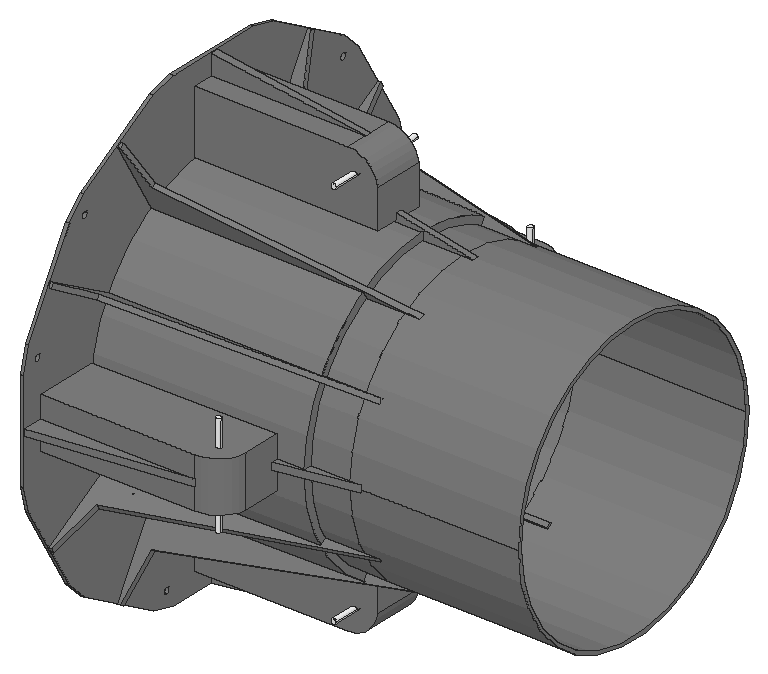
Revit family "H150FWS-RR_version1", category Pipe Accessories, Revit 2016
Family settings
  Part Type = Breaks Into
  Round Connector Dimension = Use Diameter
  Work Plane-Based = No
  Always vertical = No
  Cut with Voids When Loaded = Yes
  Shared = No
Parameters
  URL = "http://www.snapcollars.com.au"
  Model = "H150FWS-RR"
  Manufacturer = "Snap Fire Systems"
  Description = "The H150FWS-RR is a high-top, cast-in fire collar for concrete slabs 150mm and thicker."
  Cut Depth Offset [instance] = Cut Depth + 1 mm  # 1 mm
  Cut Depth [instance] = 0 mm
  Assembly Code = ""
Reference planes
  plane 1 "Center (Front/Back)": y = 0
  plane 2: z = 0
  plane 3 "Center (Left/Right)": x = 21
  plane 4: x = -230
  plane 5: x = -80
  plane 6: y = 90.593
  plane 7: y = -50
  plane 8: y = 100.593
  plane 9: y = -60
  plane 10: x = -99.679
  plane 11: x = -79.975
Forms (mm)
  Revolve 1, solid, material "PVC-Black", detail levels medium+fine
    sketch origin (0, 0, 0) x (1, 0, 0) y (0, 1, 0)
      loop
        line (-227.967, -90.913) -> (-102.967, -89.384) -> (-102.967, -84.925) -> (-79.996, -84.925) -> (21, -84.925) -> (21, -83.083) -> (-79.975, -83.083) -> (-105.12, -83.083) -> (-105.12, -86.915) -> (-230, -88.572) -> (-230, -143.5) -> (-227.967, -143.5) -> (-227.967, -90.913)
      axis (-230, 0) -> (21, 0)
    angle from 0 to 360
  Extrusion 2, void
    sketch origin (-227.967, 0, 0) x (0, 1, 0) y (0, 0, -1)
      loop
        line (-37.614, -140.376) -> (37.614, -140.376) -> (102.762, -102.762) -> (140.376, -37.614) -> (140.376, 37.614) -> (102.762, 102.762) -> (37.614, 140.376) -> (-37.614, 140.376) -> (-102.762, 102.762) -> (-140.376, 37.614) -> (-140.376, -37.614) -> (-102.762, -102.762) -> (-37.614, -140.376)
      loop
        circle (0, 0) r 162.092
    from 0 to 2.033
  Extrusion 3, void
    sketch origin (-227.967, 0, 0) x (0, 1, 0) y (0, 0, -1)
      loop
        circle (-95.441, -95.441) r 2.129
      loop
        circle (-130.375, -34.934) r 2.129
      loop
        circle (130.371, -34.948) r 2.129
      loop
        circle (95.43, -95.452) r 2.129
      loop
        circle (-34.934, 130.375) r 2.129
      loop
        circle (34.934, 130.375) r 2.129
    from 0 to 2.033
  Extrusion 4, solid, material "PVC-Black", detail levels fine
    sketch origin (0, 0, 0) x (1, 0, 0) y (0, 0, 1)
      loop
        line (-227.967, 140.376) -> (-227.967, 128.221) -> (-136.488, 128.221) -> (-227.967, 140.376)
      loop
        line (-118.976, 93.797) -> (-118.976, 84.926) -> (-73.339, 84.926) -> (-118.976, 93.797)
    from -2 to 2
  Extrusion 5, solid, material "PVC-White", not visible, detail levels fine
    sketch origin (0, 0, 0) x (1, 0, 0) y (0, 0, 1)
      loop
        line (-80, 60.418) -> (-227.967, 86.048) -> (-227.967, 69.12) -> (-80, 60.418)
    from -1.5 to 1.5
  Extrusion 6, solid, material "PVC-White", not visible, detail levels fine
    sketch origin (0, 0, 0) x (1, 0, 0) y (0, -0.5, 0.866025)
      loop
        line (-80, 60.418) -> (-227.967, 86.048) -> (-227.967, 69.12) -> (-80, 60.418)
    from -1.5 to 1.5
  Extrusion 7, solid, material "PVC-White", not visible, detail levels fine
    sketch origin (0, 0, 0) x (1, 0, 0) y (0, -0.866025, 0.5)
      loop
        line (-80, 60.418) -> (-227.967, 86.048) -> (-227.967, 69.12) -> (-80, 60.418)
    from -1.5 to 1.5
  Extrusion 8, solid, material "PVC-White", not visible, detail levels fine
    sketch origin (0, 0, 0) x (0, -1, 0) y (-1, 0, 0)
      loop
        line (60.418, 80) -> (86.048, 227.967) -> (69.12, 227.967) -> (60.418, 80)
    from -1.5 to 1.5
  Extrusion 9, solid, material "PVC-White", not visible, detail levels fine
    sketch origin (0, 0, 0) x (1, 0, 0) y (0, -0.866025, -0.5)
      loop
        line (-80, 60.418) -> (-227.967, 86.048) -> (-227.967, 69.12) -> (-80, 60.418)
    from -1.5 to 1.5
  Extrusion 10, solid, material "PVC-White", not visible, detail levels fine
    sketch origin (0, 0, 0) x (1, 0, 0) y (0, -0.5, -0.866025)
      loop
        line (-80, 60.418) -> (-227.967, 86.048) -> (-227.967, 69.12) -> (-80, 60.418)
    from -1.5 to 1.5
  Extrusion 11, solid, material "PVC-White", not visible, detail levels fine
    sketch origin (0, 0, 0) x (1, 0, 0) y (0, 0, -1)
      loop
        line (-80, 60.418) -> (-227.967, 86.048) -> (-227.967, 69.12) -> (-80, 60.418)
    from -1.5 to 1.5
  Extrusion 12, solid, material "PVC-White", not visible, detail levels fine
    sketch origin (0, 0, 0) x (1, 0, 0) y (0, 0.5, -0.866025)
      loop
        line (-80, 60.418) -> (-227.967, 86.048) -> (-227.967, 69.12) -> (-80, 60.418)
    from -1.5 to 1.5
  Extrusion 13, solid, material "PVC-White", not visible, detail levels fine
    sketch origin (0, 0, 0) x (1, 0, 0) y (0, 0.866025, -0.5)
      loop
        line (-80, 60.418) -> (-227.967, 86.048) -> (-227.967, 69.12) -> (-80, 60.418)
    from -1.5 to 1.5
  Extrusion 14, solid, material "PVC-White", not visible, detail levels fine
    sketch origin (0, 0, 0) x (1, 0, 0) y (0, 1, 0)
      loop
        line (-80, 60.418) -> (-227.967, 86.048) -> (-227.967, 69.12) -> (-80, 60.418)
    from -1.5 to 1.5
  Extrusion 15, solid, material "PVC-White", not visible, detail levels fine
    sketch origin (0, 0, 0) x (1, 0, 0) y (0, 0.866025, 0.5)
      loop
        line (-80, 60.418) -> (-227.967, 86.048) -> (-227.967, 69.12) -> (-80, 60.418)
    from -1.5 to 1.5
  Extrusion 16, solid, material "PVC-White", not visible, detail levels fine
    sketch origin (0, 0, 0) x (1, 0, 0) y (0, 0.5, 0.866025)
      loop
        line (-80, 60.418) -> (-227.967, 86.048) -> (-227.967, 69.12) -> (-80, 60.418)
    from -1.5 to 1.5
  Extrusion 17, solid, material "PVC-White", detail levels fine
    sketch origin (24.405, 0, 35.275) x (1, 0, 0) y (0, 0, 1)
      loop
        circle (-157.362, 79.878) r 1.5
    from -30 to 30
  Extrusion 18, void
    sketch origin (21, 0, 0) x (0, 1, 0) y (0, 0, -1)
      loop
        circle (0, 0) r 120
    from 0 to 1 <- "Cut Depth Offset"
  Extrusion 19, solid, material "PVC-Black", detail levels fine
    sketch origin (0, 0, -12.155) x (1, 0, 0) y (0, 0, 1)
      loop
        line (-227.967, 103.119) -> (-118.976, 101.786) -> (-118.976, 124.831)
        arc (-118.976, 124.831) -> (-124.78, 135.929) -> (-136.488, 140.376) r 17.637
        line (-136.488, 140.376) -> (-227.967, 140.376) -> (-227.967, 103.119)
    from -15 to 15
  Extrusion 20, solid, material "PVC-Black", detail levels fine
    sketch origin (0, 0, 0) x (1, 0, 0) y (0, 0.866025, -0.5)
      loop
        line (-227.967, 140.376) -> (-227.967, 95.93) -> (-79.996, 87.342) -> (-219.126, 111.334) -> (-225.831, 140.376) -> (-227.967, 140.376)
    from -1.5 to 1.5
  Extrusion 21, solid, material "PVC-White", not visible, detail levels fine
    sketch origin (0, 0, 0) x (1, 0, 0) y (0, 0, 1)
      loop
        line (-227.967, 140.376) -> (-227.967, 128.221) -> (-136.488, 128.221) -> (-227.967, 140.376)
    from -2 to 2
  Extrusion 22, solid, material "PVC-White", not visible, detail levels fine
    sketch origin (24.405, 0, 35.275) x (1, 0, 0) y (0, 0, 1)
      loop
        circle (-157.362, 79.878) r 1.5
    from -30 to 30
  Extrusion 23, solid, material "PVC-White", not visible, detail levels fine
    sketch origin (0, 0, -12.155) x (1, 0, 0) y (0, 0, 1)
      loop
        line (-227.967, 103.119) -> (-118.976, 101.786) -> (-118.976, 124.831)
        arc (-118.976, 124.831) -> (-124.78, 135.929) -> (-136.488, 140.376) r 17.637
        line (-136.488, 140.376) -> (-227.967, 140.376) -> (-227.967, 103.119)
    from -15 to 15
  Extrusion 24, solid, material "PVC-Black", detail levels fine
    sketch origin (0, 0, 0) x (1, 0, 0) y (0, 0.5, -0.866025)
      loop
        line (-227.967, 140.376) -> (-227.967, 82.232) -> (-62.967, 82.232) -> (-62.967, 83.05) -> (-219.126, 111.334) -> (-225.831, 140.376) -> (-227.967, 140.376)
    from -1.5 to 1.5
  Extrusion 25, solid, material "PVC-Black", detail levels fine
    sketch origin (0, 0, 0) x (1, 0, 0) y (0, 0.866025, 0.5)
      loop
        line (-227.967, 140.376) -> (-227.967, 82.232) -> (-62.967, 82.232) -> (-62.967, 83.05) -> (-219.126, 111.334) -> (-225.831, 140.376) -> (-227.967, 140.376)
    from -1.5 to 1.5
  Extrusion 26, solid, material "PVC-Black", detail levels fine
    sketch origin (0, 0, 0) x (1, 0, 0) y (0, 0.5, 0.866025)
      loop
        line (-227.967, 140.376) -> (-227.967, 82.232) -> (-62.967, 82.232) -> (-62.967, 83.05) -> (-219.126, 111.334) -> (-225.831, 140.376) -> (-227.967, 140.376)
    from -1.5 to 1.5
  Extrusion 27, solid, material "PVC-Black", detail levels fine
    sketch origin (0, 0, 0) x (1, 0, 0) y (0, -0.5, 0.866025)
      loop
        line (-227.967, 140.376) -> (-227.967, 82.232) -> (-62.967, 82.232) -> (-62.967, 83.05) -> (-219.126, 111.334) -> (-225.831, 140.376) -> (-227.967, 140.376)
    from -1.5 to 1.5
  Extrusion 28, solid, material "PVC-Black", detail levels fine
    sketch origin (0, 0, 0) x (1, 0, 0) y (0, -0.866025, 0.5)
      loop
        line (-227.967, 140.376) -> (-227.967, 82.232) -> (-62.967, 82.232) -> (-62.967, 83.05) -> (-219.126, 111.334) -> (-225.831, 140.376) -> (-227.967, 140.376)
    from -1.5 to 1.5
  Extrusion 29, solid, material "PVC-Black", detail levels fine
    sketch origin (0, 0, 0) x (1, 0, 0) y (0, -0.5, -0.866025)
      loop
        line (-227.967, 140.376) -> (-227.967, 82.232) -> (-62.967, 82.232) -> (-62.967, 83.05) -> (-219.126, 111.334) -> (-225.831, 140.376) -> (-227.967, 140.376)
    from -1.5 to 1.5
  Extrusion 30, solid, material "PVC-White", detail levels fine
    sketch origin (24.405, 35.275, 0) x (1, 0, 0) y (0, 1, 0)
      loop
        circle (-157.362, 79.878) r 1.5
    from -30 to 30
  Extrusion 31, solid, material "PVC-Black", detail levels fine
    sketch origin (0, -12.155, 0) x (1, 0, 0) y (0, 1, 0)
      loop
        line (-227.967, 103.119) -> (-118.976, 101.786) -> (-118.976, 124.831)
        arc (-118.976, 124.831) -> (-124.78, 135.929) -> (-136.488, 140.376) r 17.637
        line (-136.488, 140.376) -> (-227.967, 140.376) -> (-227.967, 103.119)
    from -15 to 15
  Extrusion 32, solid, material "PVC-White", detail levels fine
    sketch origin (24.405, 0, -35.275) x (1, 0, 0) y (0, 0, -1)
      loop
        circle (-157.362, 79.878) r 1.5
    from -30 to 30
  Extrusion 33, solid, material "PVC-Black", detail levels fine
    sketch origin (0, 0, 12.155) x (1, 0, 0) y (0, 0, -1)
      loop
        line (-227.967, 103.119) -> (-118.976, 101.786) -> (-118.976, 124.831)
        arc (-118.976, 124.831) -> (-124.78, 135.929) -> (-136.488, 140.376) r 17.637
        line (-136.488, 140.376) -> (-227.967, 140.376) -> (-227.967, 103.119)
    from -15 to 15
  Extrusion 34, solid, material "PVC-White", detail levels fine
    sketch origin (24.405, -35.275, 0) x (0, -1, 0) y (1, 0, 0)
      loop
        circle (79.878, -157.362) r 1.5
    from -30 to 30
  Extrusion 35, solid, material "PVC-Black", detail levels fine
    sketch origin (0, 12.155, 0) x (0, -1, 0) y (1, 0, 0)
      loop
        line (103.119, -227.967) -> (140.376, -227.967) -> (140.376, -136.488)
        arc (140.376, -136.488) -> (135.929, -124.78) -> (124.831, -118.976) r 17.637
        line (124.831, -118.976) -> (101.786, -118.976) -> (103.119, -227.967)
    from -15 to 15
  Extrusion 36, solid, material "PVC-Black", detail levels fine
    sketch origin (0, 0, 0) x (1, 0, 0) y (0, -0.866025, -0.5)
      loop
        line (-227.967, 140.376) -> (-227.967, 82.232) -> (-62.967, 82.232) -> (-62.967, 83.05) -> (-219.126, 111.334) -> (-225.831, 140.376) -> (-227.967, 140.376)
    from -1.5 to 1.5
  Extrusion 37, solid, material "PVC-White", not visible, detail levels fine
    sketch origin (0, 0, 0) x (1, 0, 0) y (0, 0, -1)
      loop
        line (-227.967, 140.376) -> (-227.967, 128.221) -> (-136.488, 128.221) -> (-227.967, 140.376)
    from -2 to 2
  Extrusion 38, solid, material "PVC-White", not visible, detail levels fine
    sketch origin (24.405, 0, -35.275) x (1, 0, 0) y (0, 0, -1)
      loop
        circle (-157.362, 79.878) r 1.5
    from -30 to 30
  Extrusion 39, solid, material "PVC-White", not visible, detail levels fine
    sketch origin (0, 0, 12.155) x (1, 0, 0) y (0, 0, -1)
      loop
        line (-227.967, 103.119) -> (-118.976, 101.786) -> (-118.976, 124.831)
        arc (-118.976, 124.831) -> (-124.78, 135.929) -> (-136.488, 140.376) r 17.637
        line (-136.488, 140.376) -> (-227.967, 140.376) -> (-227.967, 103.119)
    from -15 to 15
  Extrusion 40, solid, material "PVC-Black", detail levels fine
    sketch origin (0, 0, 0) x (1, 0, 0) y (0, 1, 0)
      loop
        line (-227.967, 140.376) -> (-227.967, 128.221) -> (-136.488, 128.221) -> (-227.967, 140.376)
      loop
        line (-118.976, 93.797) -> (-118.976, 84.926) -> (-73.339, 84.926) -> (-118.976, 93.797)
    from -2 to 2
  Extrusion 41, solid, material "PVC-Black", detail levels fine
    sketch origin (0, 0, 0) x (1, 0, 0) y (0, 0, -1)
      loop
        line (-227.967, 140.376) -> (-227.967, 128.221) -> (-136.488, 128.221) -> (-227.967, 140.376)
      loop
        line (-118.976, 93.797) -> (-118.976, 84.926) -> (-73.339, 84.926) -> (-118.976, 93.797)
    from -2 to 2
  Extrusion 42, solid, material "PVC-Black", detail levels fine
    sketch origin (0, 0, 0) x (0, -1, 0) y (1, 0, 0)
      loop
        line (140.376, -227.967) -> (128.221, -136.488) -> (128.221, -227.967) -> (140.376, -227.967)
      loop
        line (93.797, -118.976) -> (84.926, -73.339) -> (84.926, -118.976) -> (93.797, -118.976)
    from -2 to 2
Cuts and joins
  Extrusion 2, Extrusion 3, Extrusion 18 cuts Revolve 1
Dimensions and locks
  Extrusion 5 sketch curve to Extrusion 5 sketch curve = 0 mm
  Extrusion 6 sketch curve to Extrusion 6 sketch curve = 0 mm
  Extrusion 7 sketch curve to Extrusion 7 sketch curve = 0 mm
  Extrusion 8 sketch curve to Extrusion 8 sketch curve = 0 mm
  Extrusion 9 sketch curve to Extrusion 9 sketch curve = 0 mm
  Extrusion 10 sketch curve to Extrusion 10 sketch curve = 0 mm
  Extrusion 11 sketch curve to Extrusion 11 sketch curve = 0 mm
  Extrusion 12 sketch curve to Extrusion 12 sketch curve = 0 mm
  Extrusion 13 sketch curve to Extrusion 13 sketch curve = 0 mm
  Extrusion 14 sketch curve to Extrusion 14 sketch curve = 0 mm
  Extrusion 15 sketch curve to Extrusion 15 sketch curve = 0 mm
  Extrusion 16 sketch curve to Extrusion 16 sketch curve = 0 mm
  plane 4 to cut or joined group of Revolve 1, Extrusion 2, Extrusion 3, Extrusion 18 = 250 mm
  aligned and locked: level to plane 2
  aligned and locked: plane 1 "Center (Front/Back)" to Revolve 1 sketch curve
  aligned and locked: plane 3 "Center (Left/Right)" to Extrusion 18
Connectors
  piping at (-99.679, 0, 0), diameter 150
    settings: on plane 10, index 4, connector inside diameter 609.6 mm, connector length 0 mm, flow factor 0, pipe flow 0.0 L/s, pressure drop 0.0 Pa, fitting loss kfactor 0, connector angle 0.00°, fixture units 0, engagement length 0 mm, angle of deflection 0.00°, flow configuration 0, flow direction 0, fitting loss method 0, system type 7, joint type 0, gender type 0, connector reference index -1, connector utility 0, adjustable connector no, is connector primary yes, connector description ""
  piping at (-80, 0, 0), diameter 150
    settings: on plane 5, index 5, connector inside diameter 609.6 mm, connector length 0 mm, flow factor 0, pipe flow 0.0 L/s, pressure drop 0.0 Pa, fitting loss kfactor 0, connector angle 0.00°, fixture units 0, engagement length 0 mm, angle of deflection 0.00°, flow configuration 0, flow direction 0, fitting loss method 0, system type 7, joint type 0, gender type 0, connector reference index -1, connector utility 0, adjustable connector no, is connector primary no, connector description ""
